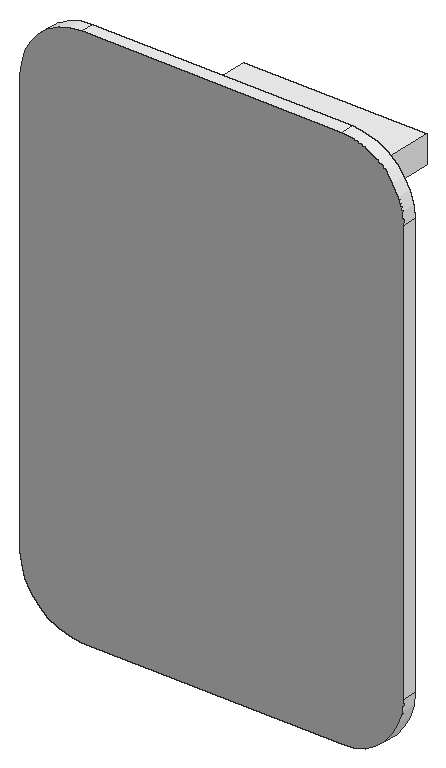
Revit family "EF_Veti-2x4-Blank-Cover", category Electrical Fixtures, Revit 2016
Family settings
  Maintain Annotation Orientation = No
  Part Type = Junction Box
  Round Connector Dimension = Use Diameter
  Work Plane-Based = No
  Always vertical = Yes
  Cut with Voids When Loaded = No
  Shared = No
  Room Calculation Point = No
Parameters (values of type "Black Cover")
  Voltage_x = 0 V
  URL for TCP = "http://www.tcpbim.co.za"
  URL = "http://www.major-tech.com/15-veti"
  Type Comments = "Box"
  Switch Voltage = Voltage_x  # 0 V
  Made by = "Tolani Civil Projects cc"
  Blank Box Height [instance] = 1200 mm
  Materials [instance] = 0 mm
  Manufacturer = "VETI"
  Load = 0 VA
  Description = "2x4 Blank Cover"
  Amperage = 0 A
Reference planes
  plane 1 "Center (Front/Back)": y = 0
  plane 2: z = 0
  plane 3 "Center (Left/Right)": x = 0
Forms (mm)
  Extrusion 1, solid, material "Plastic White"
    sketch origin (-181.105, 75, 0) x (1, 0, 0) y (0, 0, 1)
      loop
        arc (133.605, 1400) -> (117.695, 1393.41) -> (111.105, 1377.5) r 22.5
        line (111.105, 1377.5) -> (111.105, 1222.5)
        arc (111.105, 1222.5) -> (117.695, 1206.59) -> (133.605, 1200) r 22.5
        line (133.605, 1200) -> (228.605, 1200)
        arc (228.605, 1200) -> (244.515, 1206.59) -> (251.105, 1222.5) r 22.5
        line (251.105, 1222.5) -> (251.105, 1377.5)
        arc (251.105, 1377.5) -> (244.515, 1393.41) -> (228.605, 1400) r 22.5
        line (228.605, 1400) -> (133.605, 1400)
    from 75 to 80
  Extrusion 2, solid, material "Plastic White"
    sketch origin (-181.105, 0, 0) x (-1, 0, 0) y (0, 0, 1)
      loop
        line (-214.439, 1370) -> (-214.439, 1360) -> (-147.772, 1360) -> (-147.772, 1370) -> (-214.439, 1370)
    from 0 to 51.204
Cuts and joins
  joined: Extrusion 1, Extrusion 2
Dimensions and locks
  Extrusion 1 sketch curve to Extrusion 1 sketch curve = 200 mm
  Extrusion 2 sketch curve to Extrusion 2 sketch curve to Extrusion 1 = 10 mm, 30 mm
  Extrusion 2 sketch curve to Extrusion 2 sketch curve = 66.667 mm
  cut or joined group of Extrusion 1, Extrusion 2 to cut or joined group of Extrusion 1, Extrusion 2 = 200 mm  (x2)
  cut or joined group of Extrusion 1, Extrusion 2 to cut or joined group of Extrusion 1, Extrusion 2 to cut or joined group of Extrusion 1, Extrusion 2 to cut or joined group of Extrusion 1, Extrusion 2 = 30 mm locked, 10 mm locked, 160 mm locked
  cut or joined group of Extrusion 1, Extrusion 2 to cut or joined group of Extrusion 1, Extrusion 2 to cut or joined group of Extrusion 1, Extrusion 2 = 51.204 mm locked, 5 mm locked
  locked: cut or joined group of Extrusion 1, Extrusion 2 to cut or joined group of Extrusion 1, Extrusion 2 at 66.667
  locked: cut or joined group of Extrusion 1, Extrusion 2 to plane 1 "Center (Front/Back)"
  plane 3 "Center (Left/Right)" to Extrusion 1 sketch curve = 70 mm
  "Blank Box Height": cut or joined group of Extrusion 1, Extrusion 2 to level
  aligned and locked: level to plane 2
  aligned and locked: nested 1 to plane 1 "Center (Front/Back)"
Automatic sketch dimensions
  Extrusion 1 sketch curve to plane 3 "Center (Left/Right)" = 47.5 mm
  plane 3 "Center (Left/Right)" to Extrusion 1 sketch curve = 47.5 mm  (x2)
  level to Extrusion 1 sketch curve = 1200 mm
  Extrusion 1 sketch curve to Extrusion 1 sketch curve = 22.5 mm  (x2)
  Extrusion 2 sketch curve to Extrusion 1 = 36.667 mm  (x2)
Nested families
  nested 1: "Power Point Test 1" at (0, 0, 0) x (-1, 0, 0) z (0, 0, 1), type "Receptacle Symbol"
Definition of nested family "Power Point Test 1"
  Parameters
    Plug Point Height = 1200 mm
  Reference planes
    plane 1: y = 0
    plane 2: x = 0
  Lines and regions (mm)
    Filled region 1, type "Filled region 1"
      outline origin (0, 0, 0) x (1, 0, 0) y (0, 1, 0)
        loop
          arc (1.505, 0.736) -> (0.005, 2.236) -> (-1.495, 0.736) r 1.5
          line (-1.495, 0.736) -> (1.505, 0.736)
    detail lines
      curve 1: line (-0.442, -0.034, 0) -> (-0.442, 0.736, 0)
      curve 2: arc (1.505, 0.736, 0) -> (0.005, 2.236, 0) -> (-1.495, 0.736, 0) r 1.5
      curve 3: line (0.451, -0.034, 0) -> (0.451, 0.736, 0)
      curve 4: line (-1.495, 0.736, 0) -> (1.505, 0.736, 0)
  Text (mm)
    label "A" at (-2.189, 3.565, 0), shows "Plug Point Height"
  Dimensions and locks
    curve 1 to curve 3 = 0.893 mm
